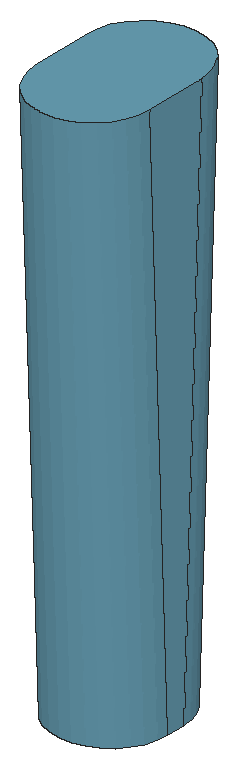
Revit family "CT_Pilar_Con_Oval_Simet", category Structural Columns, Revit 2025
Family settings
  Display in Hidden Views = Edges Hidden by Other Members
  Section Shape = Not Defined
  Material for Model Behavior = Concrete
  Always export as geometry = No
  Beam cutback in plan = From geometry
  OmniClass Number = 23.25.30.11.14.11
  OmniClass Title = Columns
  Cut with Voids When Loaded = No
  Symbolic Representation = From Family
  Shared = No
  Show family pre-cut in plan views = Yes
Parameters (values of type "PIL_050_BLC_CON_OSI")
  b = 500 mm
  Structural Material [instance] = CT_Concreto_Pilotis
  Deslocamento_do_Eixo [instance] = 350 mm
Reference planes
  plane 1 "Center (Front/Back)": y = 0
  plane 2: z = 0
  plane 3 "Center (Left/Right)": x = 0
  plane 4: x = -250
  plane 5: x = 250
  plane 6: y = -350
Forms (mm)
  Blend 1, solid, material "CT_Concreto_Pilotis" <- "Structural Material"
    base sketch origin (0, 0, 0) x (1, 0, 0) y (0, 1, 0)
      loop
        line (-250, 41.51) -> (-250, -41.51)
        arc (-250, -41.51) -> (0, -291.51) -> (250, -41.51) r 250
        line (250, -41.51) -> (250, 41.51)
        arc (250, 41.51) -> (0, 291.51) -> (-250, 41.51) r 250
    top sketch origin (0, 0, 0) x (1, 0, 0) y (0, 1, 0)
      loop
        arc (250, 140.386) -> (0, 390.386) -> (-250, 140.386) r 250
        line (-250, 140.386) -> (-250, -140.386)
        arc (-250, -140.386) -> (0, -390.386) -> (250, -140.386) r 250
        line (250, -140.386) -> (250, 140.386)
    from 0 to 2500
Dimensions and locks
  equal spacing: plane 4, plane 3 "Center (Left/Right)", plane 5
  "b": plane 4 to plane 5
  "Deslocamento_do_Eixo": plane 6 to plane 1 "Center (Front/Back)"
  aligned and locked: level to plane 2
  aligned and locked: level to Blend 1
Automatic sketch dimensions
  Blend 1 sketch curve to plane 4 = 0 mm  (x2)
  Blend 1 sketch curve to plane 3 "Center (Left/Right)" = 0 mm  (x2)
  plane 1 "Center (Front/Back)" to Blend 1 sketch curve = 41.51 mm
  Blend 1 sketch curve to plane 1 "Center (Front/Back)" = 41.51 mm
  plane 1 "Center (Front/Back)" to Blend 1 sketch curve = 140.386 mm
  Blend 1 sketch curve to plane 1 "Center (Front/Back)" = 140.386 mm
